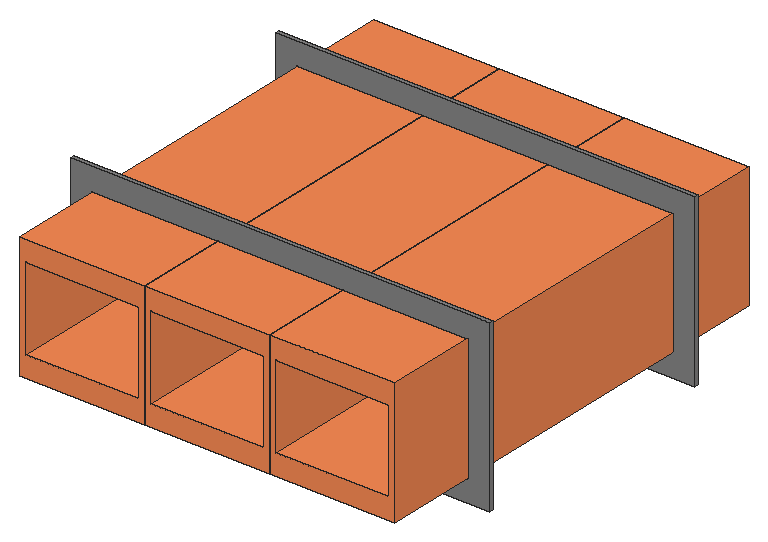
Revit family "Legrand_ElectricFireStopping_EZPathFirestopModule_Series33_Wall", category Equipement spécialisé, Revit 2020
Family settings
  Hôte = Mur
  Cote de connecteur circulaire = Utiliser le diamètre
  Type d'élément = Normal
  Numéro OmniClass = 23.20.50.14
  Titre OmniClass = Firestopping
  Toujours verticalement = Oui
  Couper avec des vides une fois chargée = Non
  Partagée = Non
  Point de calcul de pièce = Non
Parameters (values of type "3 Devices with 3 Gang Plate Réf 3 x 250018 + 250130")
  _DistributedBy = "www.bimstore.co.uk"
  _CurrentRevision = 2  # constant formula
  _CreatedBy = "https://www.legrand.co.uk/"
  _BimSpecGuid = 0
  _BSBibleVersion = 15  # constant formula
  _AuthorizedBy = "Kris Atkinson"
  _Author = "TechServ@stifirestop.com"
  Weight(Kg) = 1.16 kg
  WarrantyStartDate [instance] = "please record on commissioning"
  WarrantyGuarantorParts = "legrand.sales@legrand.co.uk"
  WarrantyGuarantorLabor = "n/a"
  WarrantyDurationUnit = "Years"
  WarrantyDurationParts = "0"
  WarrantyDurationLabor = "0"
  WarrantyDescription = "Firestop certification guaranteed throughout the entire lifetime of the electrical installation"
  VolumeExpansion = "800%"
  TypeName = Commentaires du type  # "3 Devices with 3 Gang Plate"
  General Conditions of Use = "https://export.legrand.com/en/terms-of-use-BIM-objects"
  Elévation par défaut = 0 mm
  Commentaires du type = "3 Devices with 3 Gang Plate"
  TestedSystems = "https://www.legrand.co.uk/products/cable-management/ez-path-fire-stopping-devices/"
  TagNumber = "n/a"
  SpareParts = "n/a"
  SoundInsulation(ASTME90) = "STC 50"
  Size = "80x230mm"
  ShelfLife = "No Limit"
  Shape = "Rectangle (Series 33)"
  SerialNumber [instance] = "please record on commissioning"
  SecondaryModelNumberExtensions = "EZD33E"
  SecondaryModelNumberDevice = "EZD33FWS"
  SecondaryModelNumberBrackets = "EZP333W"
  SafetyDataSheet = "https://files.stifirestop.com/5.%20Safety%20Data%20Sheets/1.%20English/SDS_EZ-Path%2033.pdf"
  RetrofitWidthCenterline = 0 mm
  RetrofitHeightCenterline = 304.8 mm
  RetrofitUpperHeight = 101.6 mm
  WallThickness [instance] = 152.4 mm
  WallLeftCutoutCenterWidth = 38.894 mm
  WallCutoutWidth = 228.6 mm
  WallCutoutHeight = 77.787 mm
  URL = "https://www.legrand.co.uk/products/cable-management/ez-path-fire-stopping-devices/"
  ReplacementCost = "n/a"
  ReferencedStandard = "CE Marking, EN 1366-3, ETA 130993"
  ReactionToFire(EN13501-1) = "Class E"
  ProductionYear = "2017"
  ProductPage = "https://www.legrand.co.uk/products/cable-management/ez-path-fire-stopping-devices/"
  NominalWidth = WallCutoutWidth  # 228.6 mm
  NominalLength [instance] = WallThickness + 114.4 mm  # 266.8 mm
  NominalHeight = WallCutoutHeight  # 77.787 mm
  NoOfExtensions [instance] = (if(ExtensionCalc < 0, 0, ExtensionCalc)) * NoOfDevices  # 0
  NoOfDevices = 3
  NBSReference = "30-85-30"
  NBSOfficeMasterTag = "n/a"
  NBSObjectName = "Legrand Electric Ltd - Fire stopping systems"
  NBSNote = "n/a"
  NBSDescription = "Fire stopping systems"
  ModelReference = Modèle  # "EZ-Path® Permanent Automatic Mechanical Firestop System (Series 33) Wall"
  ModelNumberHangerBracket = "n/a"
  ModelNumberExtensions = "CM250078"
  ModelNumberDevice = "CM250018"
  ModelNumberBrackets = "CM250130"
  ModelNumberAccessoryBracket = "n/a"
  ModelNumber = "CM250018"
  Material = "1.5mm thk Galv Steel"
  ManufacturerName = Fabricant  # "Legrand Electric Ltd"
  Note d'identification = "P12"
  InstallationDate [instance] = "please record on commissioning"
  InServiceTemperature = "Not to exceed 49 deg C"
  IfcExportType = "IfcBuildingElementPartTypeEnum.FIRESTOP"
  IfcExportAs = "IfcBuildingElementPart"
  Grade = "n/a"
  FireResistance(EN1366-3) = "2 Hours"
  FireRating = "Up to 4 Hr"
  Finish = "Powder Coated"
  Features = "The modules, which are suitable for all types of wall, can be assembled and installed horizontally or vertically to form a sturdy unit"
  Extidentifier [instance] = "please record on commissioning"
  ExpectedLife = 0
  ExpansionBegins = "177 deg C"
  EZ-PathDevice = Firestop-STI-EZ_Path-Series_33_Fire_Rated_Pathway
  SquarePlate = PlateType = 1  # yes
  RoundPlateTopHeightCenterline = 304.8 mm
  RoundPlateTopWidthCenterline = 0 mm
  RoundPlateCutoutWidth = 76.2 mm
  RoundPlateCutoutHeight = 75.406 mm
  RoundPlateDia = 127 mm
  RoundPlate = PlateType = 2  # no
  RetrofitLowerHeight = 152.4 mm
  RetrofitWidth = 203.2 mm
  RetroPlate = PlateType = 3  # no
  Region = "Global"
  PlateType = 1
  NoPlate = PlateType = 4  # no
  NoGanged = 7
  MountingPlateWidth = 253.206 mm
  MountingPlateLeftCutoutCenterWidth = 38.1 mm
  MountingPlateLeftCenterWidth = 51.197 mm
  MountingPlateCutoutWidth = 227.013 mm
  MountingPlateCutoutHeight = 75.406 mm
  MountingPlateWidthCenterline = 0 mm
  MountingPlateHeightCenterline = 0 mm
  MountingPlateHeight = 102.394 mm
  Modèle = "EZ-Path® Permanent Automatic Mechanical Firestop System (Series 33) Wall"
  Fabricant = "Legrand Electric Ltd"
  RetainingPlate = Firestop-STI-EZ_Path-Retaining_Plate
  ExtensionCalc [instance] = (WallThickness - 203.2 mm) / 152.4 mm  # 0
  EZ path 7 = NoOfDevices > 6  # no
  EZ path 6 = NoOfDevices > 5  # no
  EZ path 5 = NoOfDevices > 4  # no
  EZ path 4 = NoOfDevices > 3  # no
  EZ path 3 = NoOfDevices > 2  # yes
  EZ path 2 = NoOfDevices > 1  # yes
  EZ path 1 = NoOfDevices > 0  # yes
  EZPathLeftCenterOfGanged = 263.922 mm
  EZPathCutoutHeight = 50.006 mm
  EZPathCutoutWidth = 68.263 mm
  EZPathWidth = 75.406 mm
  EZPathHeight = 75.406 mm
  DurationUnit = "Years"
  DocumentationTechnical = "https://www.legrand.co.uk/products/cable-management/ez-path-fire-stopping-devices/"
  DocumentationMaintenance = "https://www.legrand.co.uk/products/cable-management/ez-path-fire-stopping-devices/"
  DocumentationLiterature = "https://specifi.bimstore.co.uk/document/share/2376"
  DocumentationInstallationGuide = "https://www.legrand.co.uk/products/cable-management/ez-path-fire-stopping-devices/"
  DocumentationCertificates = "n/a"
  Description = "EZ-Path is a mechanical device that provides fully compliant fire stopping for power and data cable management pathways."
  CreatedOn = "2018-01-02 T09:00:00"
  CreatedBy = "legrand.sales@legrand.co.uk"
  Constituents = "n/a"
  Color = "Red"
  CodePerformance = "Conforms to the European standard EN1366-3, BS476/20, ASTM E814 and DIN4102-9"
  ClassificationValue = "Ss_25_60_30"
  ClassificationName = "Uniclass2015"
  Classification(EN13501-2) = "EI 120"
  BarCode [instance] = "please record on commissioning"
  BIMObjectName = "Legrand_ElectricFireStopping_EZPathFirestopModule_Series33_Wall_3DeviceGangPlate"
  AssetType = "Fixed"
  AssetIdentifier [instance] = "please record on commissioning"
  Code d'assemblage = "D4030900"
  AirLeakage(UL1479) = "0.14 m3/h 0% cable, 1.14 m3/h 100% cable"
  AccessibilityPerformance = "n/a"
Types (6, lengths in mm): name | TypeName | Commentaires du type | Size | Shape | SecondaryModelNumberDevice | SecondaryModelNumberBrackets | WallCutoutWidth | NominalWidth | NoOfDevices | ModelNumberBrackets | SquarePlate | RoundPlateTopHeightCenterline | RoundPlate | Region | PlateType | NoPlate | MountingPlateWidth | MountingPlateCutoutWidth | MountingPlateHeightCenterline | EZ path 7 | EZ path 6 | EZ path 5 | EZ path 4 | EZ path 3 | EZ path 2 | BIMObjectName
  2 Devices with 2 Gang Plate Réf 2 x 250018 + 250120 | "2 Devices with 2 Gang Plate" | "2 Devices with 2 Gang Plate" | "80x155mm" | "Rectangle (Series 33)" | "EZD33FWS" | "EZP233W" | 153.194 | 153.194 | 2 | "CM250120" | yes | 304.8 | no | "Global" | 1 | no | 177.8 | 151.606 | 0 | no | no | no | no | no | yes | "Legrand_ElectricFireStopping_EZPathFirestopModule_Series33_Wall_2DeviceGangPlate"
  3 Devices with 3 Gang Plate Réf 3 x 250018 + 250130 | "3 Devices with 3 Gang Plate" | "3 Devices with 3 Gang Plate" | "80x230mm" | "Rectangle (Series 33)" | "EZD33FWS" | "EZP333W" | 228.6 | 228.6 | 3 | "CM250130" | yes | 304.8 | no | "Global" | 1 | no | 253.206 | 227.013 | 0 | no | no | no | no | yes | yes | "Legrand_ElectricFireStopping_EZPathFirestopModule_Series33_Wall_3DeviceGangPlate"
  4 Devices with 4 Gang Plate Réf 4 x 250018 + 250140 | "4 Devices with 4 Gang Plate" | "4 Devices with 4 Gang Plate" | "80x305mm" | "Rectangle (Series 33)" | "EZD33FWS" | "EZP433W" | 304.006 | 304.006 | 4 | "CM250140" | yes | 304.8 | no | "Global" | 1 | no | 328.613 | 302.419 | 0 | no | no | no | yes | yes | yes | "Legrand_ElectricFireStopping_EZPathFirestopModule_Series33_Wall_4DeviceGangPlate"
  7 Devices with 7 Gang Plate Réf 7 x 250018 + 250170 | "7 Devices with 7 Gang Plate" | "7 Devices with 7 Gang Plate" | "80x540mm" | "Rectangle (Series 33)" | "EZD33FWS" | "EZP733W" | 530.225 | 530.225 | 7 | "CM250170" | yes | 304.8 | no | "Global" | 1 | no | 554.831 | 528.638 | 0 | yes | yes | yes | yes | yes | yes | "Legrand_ElectricFireStopping_EZPathFirestopModule_Series33_Wall_7DeviceGangPlate"
  1 Device with Circular Plates Réf  250018 + 250240 | "1 Device with Circular Plates" | "1 Device with Circular Plates" | "80x80mm" | "Square (Series 33)" | "EZD33T" | "EZP133CWT" | 77.788 | 77.788 | 1 | "CM250240" | no | 0 | yes | "Europe" | 2 | no | 102.394 | 76.2 | 304.8 | no | no | no | no | no | no | "Legrand_ElectricFireStopping_EZPathFirestopModule_Series33_Wall_1DeviceCircularPlate"
  1 Device Cast In Place (Concrete Walls Only - Grouted) Réf  250018 | "1 Device Cast In Place (Concrete Walls Only - Grouted)" | "1 Device Cast In Place (Concrete Walls Only - Grouted)" | "80x80mm" | "Square (Series 33)" | "EZD33T" | "n/a" | 77.788 | 77.788 | 1 | "n/a" | no | 304.8 | no | "Europe" | 4 | yes | 102.394 | 76.2 | 0 | no | no | no | no | no | no | "Legrand_ElectricFireStopping_EZPathFirestopModule_Series33_Wall_1DeviceCastInPlace"
Reference planes
  plane 1: y = 0
  plane 2 "Center (Left/Right)": x = 0
  plane 3 "Wall Edge": y = 76.2
  plane 4: z = 2974.744
  plane 5: z = 3012.447
  plane 6: z = 2937.041
  plane 7: x = 263.922
  plane 8: x = 260.35
  plane 9: x = 188.516
  plane 10: x = 192.088
  plane 11: z = 2999.747
  plane 12: z = 2949.741
  plane 13: x = 226.219
  plane 14: x = 184.944
  plane 15: x = 113.109
  plane 16: x = 116.681
  plane 17: x = 150.812
  plane 18: x = 109.537
  plane 19: x = 37.703
  plane 20: x = 41.275
  plane 21: x = 75.406
  plane 22: x = 34.131
  plane 23: x = -37.703
  plane 24: x = -34.131
  plane 25: x = 0
  plane 26: x = -41.275
  plane 27: x = -113.109
  plane 28: x = -109.537
  plane 29: x = -75.406
  plane 30: x = -116.681
  plane 31: x = -188.516
  plane 32: x = -184.944
  plane 33: x = -150.813
  plane 34: x = -192.088
  plane 35: x = -263.922
  plane 36: x = -260.35
  plane 37: x = -226.219
  plane 38: y = 133.35
  plane 39: y = -133.35
  plane 40: x = 264.319
  plane 41: z = 2937.041
  plane 42: x = 37.306
  plane 43: z = 3012.447
  plane 44: y = 78.581
  plane 45: y = -78.581
  plane 46: x = 265.112
  plane 47: z = 2935.85
  plane 48: z = 3013.638
  plane 49: x = 36.512
  plane 50: z = 2974.744
  plane 51: x = 226.219
  plane 52: x = 264.319
  plane 53: x = 37.306
  plane 54: z = 3012.447
  plane 55: z = 2937.041
  plane 56: x = 277.416
  plane 57: z = 3025.941
  plane 58: x = 24.209
  plane 59: z = 2923.547
  plane 60: x = 226.219
  plane 61: x = 264.319
  plane 62: x = 289.719
  plane 63: x = 188.119
  plane 64: x = 162.719
  plane 65: z = 3279.544
  plane 66: z = 3317.247
  plane 67: z = 3241.841
  plane 68: x = 226.219
  plane 69: x = 264.319
  plane 70: x = 327.819
  plane 71: x = 188.119
  plane 72: x = 124.619
  plane 73: z = 3279.544
  plane 74: z = 3317.247
  plane 75: z = 3381.144
  plane 76: z = 3241.841
  plane 77: z = 3127.144
Forms (mm)
  Extrusion 1, solid, material "Firestop-STI-EZ_Path-Series_33_Fire_Rated_Pathway" <- "EZ-PathDevice", visible <- "EZ path 2"
    sketch origin (0, 76.2, 0) x (1, 0, 0) y (0, 0, 1)
      loop
        line (188.516, 2937.041) -> (188.516, 3012.447) -> (113.109, 3012.447) -> (113.109, 2937.041) -> (188.516, 2937.041)
      loop
        line (184.944, 2949.741) -> (184.944, 2999.747) -> (116.681, 2999.747) -> (116.681, 2949.741) -> (184.944, 2949.741)
    from -57.15 to 209.55
  Extrusion 2, solid, material "Firestop-STI-EZ_Path-Series_33_Fire_Rated_Pathway" <- "EZ-PathDevice", visible <- "EZ path 3"
    sketch origin (0, 76.2, 0) x (1, 0, 0) y (0, 0, 1)
      loop
        line (113.109, 2937.041) -> (113.109, 3012.447) -> (37.703, 3012.447) -> (37.703, 2937.041) -> (113.109, 2937.041)
      loop
        line (109.537, 2949.741) -> (109.537, 2999.747) -> (41.275, 2999.747) -> (41.275, 2949.741) -> (109.537, 2949.741)
    from -57.15 to 209.55
  Extrusion 3, solid, material "Firestop-STI-EZ_Path-Series_33_Fire_Rated_Pathway" <- "EZ-PathDevice", visible <- "EZ path 1"
    sketch origin (0, 76.2, 0) x (1, 0, 0) y (0, 0, 1)
      loop
        line (263.922, 2937.041) -> (263.922, 3012.447) -> (188.516, 3012.447) -> (188.516, 2937.041) -> (263.922, 2937.041)
      loop
        line (260.35, 2949.741) -> (260.35, 2999.747) -> (192.088, 2999.747) -> (192.088, 2949.741) -> (260.35, 2949.741)
    from -57.15 to 209.55
  Extrusion 4, solid, material "Firestop-STI-EZ_Path-Series_33_Fire_Rated_Pathway" <- "EZ-PathDevice", visible <- "EZ path 4"
    sketch origin (0, 76.2, 0) x (1, 0, 0) y (0, 0, 1)
      loop
        line (37.703, 2937.041) -> (37.703, 3012.447) -> (-37.703, 3012.447) -> (-37.703, 2937.041) -> (37.703, 2937.041)
      loop
        line (34.131, 2949.741) -> (34.131, 2999.747) -> (-34.131, 2999.747) -> (-34.131, 2949.741) -> (34.131, 2949.741)
    from -57.15 to 209.55
  Extrusion 5, solid, material "Firestop-STI-EZ_Path-Series_33_Fire_Rated_Pathway" <- "EZ-PathDevice", visible <- "EZ path 5"
    sketch origin (0, 76.2, 0) x (1, 0, 0) y (0, 0, 1)
      loop
        line (-37.703, 2937.041) -> (-37.703, 3012.447) -> (-113.109, 3012.447) -> (-113.109, 2937.041) -> (-37.703, 2937.041)
      loop
        line (-41.275, 2949.741) -> (-41.275, 2999.747) -> (-109.537, 2999.747) -> (-109.537, 2949.741) -> (-41.275, 2949.741)
    from -57.15 to 209.55
  Extrusion 6, solid, material "Firestop-STI-EZ_Path-Series_33_Fire_Rated_Pathway" <- "EZ-PathDevice", visible <- "EZ path 6"
    sketch origin (0, 76.2, 0) x (1, 0, 0) y (0, 0, 1)
      loop
        line (-113.109, 2937.041) -> (-113.109, 3012.447) -> (-188.516, 3012.447) -> (-188.516, 2937.041) -> (-113.109, 2937.041)
      loop
        line (-116.681, 2949.741) -> (-116.681, 2999.747) -> (-184.944, 2999.747) -> (-184.944, 2949.741) -> (-116.681, 2949.741)
    from -57.15 to 209.55
  Extrusion 7, solid, material "Firestop-STI-EZ_Path-Series_33_Fire_Rated_Pathway" <- "EZ-PathDevice", visible <- "EZ path 7"
    sketch origin (0, 76.2, 0) x (1, 0, 0) y (0, 0, 1)
      loop
        line (-188.516, 2937.041) -> (-188.516, 3012.447) -> (-263.922, 3012.447) -> (-263.922, 2937.041) -> (-188.516, 2937.041)
      loop
        line (-192.088, 2949.741) -> (-192.088, 2999.747) -> (-260.35, 2999.747) -> (-260.35, 2949.741) -> (-192.088, 2949.741)
    from -57.15 to 209.55
  Extrusion 8, solid, material "Firestop-STI-EZ_Path-Retaining_Plate" <- "RetainingPlate", visible <- "SquarePlate", detail levels medium+fine
    sketch origin (0, 76.2, 0) x (1, 0, 0) y (0, 0, 1)
      loop
        line (277.416, 2923.547) -> (277.416, 3025.941) -> (24.209, 3025.941) -> (24.209, 2923.547) -> (277.416, 2923.547)
    from -2.381 to 0
  Extrusion 9, void
    sketch origin (0, 76.2, 0) x (1, 0, 0) y (0, 0, 1)
      loop
        line (264.319, 2937.041) -> (264.319, 3012.447) -> (37.306, 3012.447) -> (37.306, 2937.041) -> (264.319, 2937.041)
    from -2.381 to 0
  Extrusion 10, solid, material "Firestop-STI-EZ_Path-Retaining_Plate" <- "RetainingPlate", visible <- "SquarePlate", detail levels medium+fine
    sketch origin (0, 76.2, 0) x (1, 0, 0) y (0, 0, 1)
      loop
        line (277.416, 2923.547) -> (277.416, 3025.941) -> (24.209, 3025.941) -> (24.209, 2923.547) -> (277.416, 2923.547)
    from 152.4 to 154.781
  Extrusion 11, void
    sketch origin (0, 76.2, 0) x (1, 0, 0) y (0, 0, 1)
      loop
        line (264.319, 2937.041) -> (264.319, 3012.447) -> (37.306, 3012.447) -> (37.306, 2937.041) -> (264.319, 2937.041)
    from 152.4 to 154.781
  Extrusion 12, solid, material "Firestop-STI-EZ_Path-Retaining_Plate" <- "RetainingPlate", visible <- "RoundPlate", detail levels medium+fine
    sketch origin (0, 76.2, 0) x (1, 0, 0) y (0, 0, 1)
      loop
        circle (226.219, 3279.544) r 63.5
    from 152.4 to 154.781
  Extrusion 13, void
    sketch origin (0, 76.2, 0) x (1, 0, 0) y (0, 0, 1)
      loop
        line (264.319, 3241.841) -> (264.319, 3317.247) -> (188.119, 3317.247) -> (188.119, 3241.841) -> (264.319, 3241.841)
    from 152.4 to 154.781
  Extrusion 14, solid, material "Firestop-STI-EZ_Path-Retaining_Plate" <- "RetainingPlate", visible <- "RoundPlate", detail levels medium+fine
    sketch origin (0, 76.2, 0) x (1, 0, 0) y (0, 0, 1)
      loop
        circle (226.219, 3279.544) r 63.5
    from -2.381 to 0
  Extrusion 15, void
    sketch origin (0, 76.2, 0) x (1, 0, 0) y (0, 0, 1)
      loop
        line (264.319, 3241.841) -> (264.319, 3317.247) -> (188.119, 3317.247) -> (188.119, 3241.841) -> (264.319, 3241.841)
    from -2.381 to 0
  Extrusion 16, solid, material "Firestop-STI-EZ_Path-Retaining_Plate" <- "RetainingPlate", visible <- "RetroPlate", detail levels medium+fine
    sketch origin (0, 76.2, 0) x (1, 0, 0) y (0, 0, 1)
      loop
        line (327.819, 3127.144) -> (327.819, 3381.144) -> (124.619, 3381.144) -> (124.619, 3127.144) -> (327.819, 3127.144)
    from -2.381 to 0
  Extrusion 17, void
    sketch origin (0, 76.2, 0) x (1, 0, 0) y (0, 0, 1)
      loop
        line (264.319, 3241.841) -> (264.319, 3317.247) -> (188.119, 3317.247) -> (188.119, 3241.841) -> (264.319, 3241.841)
    from -2.381 to 0
  Extrusion 18, solid, material "Firestop-STI-EZ_Path-Retaining_Plate" <- "RetainingPlate", visible <- "RetroPlate", detail levels medium+fine
    sketch origin (0, 76.2, 0) x (1, 0, 0) y (0, 0, 1)
      loop
        line (327.819, 3127.144) -> (327.819, 3381.144) -> (124.619, 3381.144) -> (124.619, 3127.144) -> (327.819, 3127.144)
    from 152.4 to 154.781
  Extrusion 19, void
    sketch origin (0, 76.2, 0) x (1, 0, 0) y (0, 0, 1)
      loop
        line (264.319, 3241.841) -> (264.319, 3317.247) -> (188.119, 3317.247) -> (188.119, 3241.841) -> (264.319, 3241.841)
    from 152.4 to 154.781
Cuts and joins
  Extrusion 9, Extrusion 11 cuts Extrusion 8
  Extrusion 11 cuts Extrusion 10
  Extrusion 13, Extrusion 15 cuts Extrusion 12
  Extrusion 15 cuts Extrusion 14
  Extrusion 17, Extrusion 19 cuts Extrusion 16
  Extrusion 19 cuts Extrusion 18
Lines and regions (mm)
  Opening 1
    outline origin (-1524, -76.2, 0) x (1, 0, 0) y (0, 0, 1)
      loop
        line (1560.512, 3013.638) -> (1560.512, 2935.85) -> (1789.112, 2935.85) -> (1789.112, 3013.638) -> (1560.512, 3013.638)
  symbolic lines, visible <- "EZ path 7", built-in parameter 1006206 <- "EZ path 1"
    curve 1: line (-263.922, -133.35, 0) -> (-188.516, -133.35, 0)
    curve 2: line (-263.922, 133.35, 0) -> (-263.922, -133.35, 0)
    curve 3: line (-188.516, 133.35, 0) -> (-263.922, 133.35, 0)
  symbolic lines, visible <- "EZ path 6", built-in parameter 1006206 <- "EZ path 1"
    curve 4: line (-188.516, -133.35, 0) -> (-188.516, 133.35, 0)
    curve 5: line (-188.516, -133.35, 0) -> (-113.109, -133.35, 0)
    curve 7: line (-113.109, 133.35, 0) -> (-188.516, 133.35, 0)
  symbolic lines, visible <- "EZ path 5", built-in parameter 1006206 <- "EZ path 1"
    curve 6: line (-113.109, -133.35, 0) -> (-113.109, 133.35, 0)
    curve 8: line (-113.109, 133.35, 0) -> (-37.703, 133.35, 0)
    curve 10: line (-113.109, -133.35, 0) -> (-37.703, -133.35, 0)
  symbolic lines, visible <- "EZ path 4", built-in parameter 1006206 <- "EZ path 1"
    curve 9: line (-37.703, 133.35, 0) -> (-37.703, -133.35, 0)
    curve 12: line (-37.703, 133.35, 0) -> (37.703, 133.35, 0)
    curve 14: line (-37.703, -133.35, 0) -> (37.703, -133.35, 0)
  symbolic lines, visible <- "EZ path 2", built-in parameter 1006206 <- "EZ path 1"
    curve 11: line (113.109, -133.35, 0) -> (113.109, 133.35, 0)
  symbolic lines, visible <- "EZ path 3", built-in parameter 1006206 <- "EZ path 1"
    curve 13: line (37.703, 133.35, 0) -> (37.703, -133.35, 0)
    curve 15: line (37.703, -133.35, 0) -> (113.109, -133.35, 0)
    curve 16: line (37.703, 133.35, 0) -> (113.109, 133.35, 0)
  symbolic lines, visible <- "EZ path 2"
    curve 17: line (113.109, 133.35, 0) -> (188.516, 133.35, 0)
    curve 19: line (113.109, -133.35, 0) -> (188.516, -133.35, 0)
  symbolic lines, visible <- "EZ path 1", built-in parameter 1006206 <- "EZ path 1"
    curve 18: line (188.516, 133.35, 0) -> (188.516, -133.35, 0)
    curve 20: line (188.516, -133.35, 0) -> (263.922, -133.35, 0)
    curve 21: line (263.922, -133.35, 0) -> (263.922, 133.35, 0)
    curve 22: line (188.516, 133.35, 0) -> (263.922, 133.35, 0)
Text (mm)
  text "Placement Side" at (0, 1019.848, 3124.603), in view "Right"
  text "Placement Side" at (-1787.662, 723.012, 0), in view "Ref. Level"
  text "Placement Side" at (0, 2073.289, 3571.227), in view "Left"
Dimensions and locks
  locked: plane 3 "Wall Edge" to host wall
  equal spacing: plane 10, plane 13, plane 8
  "EZPathCutoutWidth": plane 10 to plane 8
  equal spacing: plane 9, plane 13, plane 7
  "EZPathWidth": plane 9 to plane 7
  equal spacing: plane 6, plane 4, plane 5
  "EZPathHeight": plane 6 to plane 5
  equal spacing: plane 12, plane 4, plane 11
  "EZPathCutoutHeight": plane 12 to plane 11
  equal spacing: plane 16, plane 17, plane 14
  equal spacing: plane 20, plane 21, plane 18
  equal spacing: plane 24, plane 25, plane 22
  equal spacing: plane 28, plane 29, plane 26
  equal spacing: plane 32, plane 33, plane 30
  equal spacing: plane 36, plane 37, plane 34
  "EZPathCutoutWidth": plane 16 to plane 14
  "EZPathCutoutWidth": plane 20 to plane 18
  "EZPathCutoutWidth": plane 24 to plane 22
  "EZPathCutoutWidth": plane 28 to plane 26
  "EZPathCutoutWidth": plane 32 to plane 30
  "EZPathCutoutWidth": plane 36 to plane 34
  equal spacing: plane 9, plane 17, plane 15
  equal spacing: plane 15, plane 21, plane 19
  equal spacing: plane 19, plane 25, plane 23
  equal spacing: plane 23, plane 29, plane 27
  equal spacing: plane 27, plane 33, plane 31
  equal spacing: plane 31, plane 37, plane 35
  "EZPathWidth": plane 9 to plane 15
  "EZPathWidth": plane 15 to plane 19
  "EZPathWidth": plane 19 to plane 23
  "EZPathWidth": plane 23 to plane 27
  "EZPathWidth": plane 27 to plane 31
  "EZPathWidth": plane 31 to plane 35
  "EZPathLeftCenterOfGanged": plane 7 to plane 2 "Center (Left/Right)"
  "MountingPlateCutoutWidth": plane 42 to plane 40
  "MountingPlateLeftCutoutCenterWidth": plane 13 to plane 40
  equal spacing: plane 41, plane 4, plane 43
  "MountingPlateCutoutHeight": plane 41 to plane 43
  equal spacing: plane 44, plane 1, plane 45
  locked: plane 44 to plane 3 "Wall Edge" at 2.381
  "WallLeftCutoutCenterWidth": plane 13 to plane 46
  "WallCutoutWidth": plane 49 to plane 46
  equal spacing: plane 47, plane 4, plane 48
  "WallCutoutHeight": plane 47 to plane 48
  equal spacing: plane 39, plane 1, plane 38
  plane 39 to plane 38 = 266.7 mm
  equal spacing: plane 45, host wall, plane 44
  "WallThickness": host wall to host wall
  equal spacing: plane 55, plane 50, plane 54
  "MountingPlateCutoutHeight": plane 55 to plane 54
  equal spacing: plane 59, plane 50, plane 57
  "MountingPlateHeight": plane 59 to plane 57
  "MountingPlateWidth": plane 56 to plane 58
  "MountingPlateCutoutWidth": plane 53 to plane 52
  "MountingPlateLeftCutoutCenterWidth": plane 51 to plane 52
  "MountingPlateLeftCenterWidth": plane 56 to plane 51
  "MountingPlateWidthCenterline": plane 13 to plane 51
  "MountingPlateHeightCenterline": plane 4 to plane 50
  equal spacing: plane 61, plane 60, plane 63
  "RoundPlateCutoutWidth": plane 61 to plane 63
  equal spacing: plane 67, plane 65, plane 66
  "RoundPlateCutoutHeight": plane 67 to plane 66
  equal spacing: plane 62, plane 60, plane 64
  "RoundPlateDia": plane 62 to plane 64
  "RoundPlateTopWidthCenterline": plane 13 to plane 60
  "RoundPlateTopHeightCenterline": plane 4 to plane 65
  equal spacing: plane 71, plane 68, plane 69
  "RoundPlateCutoutWidth": plane 71 to plane 69
  equal spacing: plane 76, plane 73, plane 74
  "RoundPlateCutoutHeight": plane 76 to plane 74
  equal spacing: plane 72, plane 68, plane 70
  "RetrofitWidth": plane 72 to plane 70
  "RetrofitUpperHeight": plane 73 to plane 75
  "RetrofitLowerHeight": plane 77 to plane 73
  "RetrofitHeightCenterline": plane 4 to plane 73
  "RetrofitWidthCenterline": plane 68 to plane 13
  aligned and locked: Extrusion 1 sketch curve to plane 5
  aligned and locked: plane 15 to Extrusion 1 sketch curve
  aligned and locked: Extrusion 1 sketch curve to plane 12
  aligned and locked: plane 14 to Extrusion 1 sketch curve
  aligned and locked: Extrusion 1 sketch curve to plane 11
  aligned and locked: plane 16 to Extrusion 1 sketch curve
  aligned and locked: Extrusion 1 to Extrusion 2 sketch curve
  aligned and locked: Extrusion 2 sketch curve to Extrusion 1
  aligned and locked: Extrusion 2 sketch curve to plane 5
  aligned and locked: plane 19 to Extrusion 2 sketch curve
  aligned and locked: Extrusion 2 sketch curve to plane 12
  aligned and locked: plane 18 to Extrusion 2 sketch curve
  aligned and locked: Extrusion 2 sketch curve to plane 11
  aligned and locked: plane 20 to Extrusion 2 sketch curve
  aligned and locked: plane 6 to Extrusion 3 sketch curve
  aligned and locked: Extrusion 1 to Extrusion 3 sketch curve
  aligned and locked: Extrusion 3 sketch curve to Extrusion 1
  aligned and locked: Extrusion 3 sketch curve to plane 12
  aligned and locked: plane 8 to Extrusion 3 sketch curve
  aligned and locked: Extrusion 3 sketch curve to plane 11
  aligned and locked: plane 10 to Extrusion 3 sketch curve
  aligned and locked: Extrusion 3 to plane 7
  aligned and locked: Extrusion 2 to Extrusion 4 sketch curve
  aligned and locked: Extrusion 4 sketch curve to Extrusion 2
  aligned and locked: Extrusion 4 sketch curve to plane 5
  aligned and locked: plane 23 to Extrusion 4 sketch curve
  aligned and locked: Extrusion 4 sketch curve to plane 12
  aligned and locked: plane 22 to Extrusion 4 sketch curve
  aligned and locked: Extrusion 4 sketch curve to plane 11
  aligned and locked: plane 24 to Extrusion 4 sketch curve
  aligned and locked: Extrusion 4 to Extrusion 5 sketch curve
  aligned and locked: Extrusion 5 sketch curve to Extrusion 4
  aligned and locked: Extrusion 5 sketch curve to plane 5
  aligned and locked: plane 27 to Extrusion 5 sketch curve
  aligned and locked: Extrusion 5 sketch curve to plane 12
  aligned and locked: plane 26 to Extrusion 5 sketch curve
  aligned and locked: Extrusion 5 sketch curve to plane 11
  aligned and locked: plane 28 to Extrusion 5 sketch curve
  aligned and locked: Extrusion 5 to Extrusion 6 sketch curve
  aligned and locked: Extrusion 6 sketch curve to Extrusion 5
  aligned and locked: Extrusion 6 sketch curve to plane 5
  aligned and locked: plane 31 to Extrusion 6 sketch curve
  aligned and locked: Extrusion 6 sketch curve to plane 12
  aligned and locked: plane 30 to Extrusion 6 sketch curve
  aligned and locked: Extrusion 6 sketch curve to plane 11
  aligned and locked: plane 32 to Extrusion 6 sketch curve
  aligned and locked: Extrusion 6 to Extrusion 7 sketch curve
  aligned and locked: Extrusion 7 sketch curve to Extrusion 6
  aligned and locked: Extrusion 7 sketch curve to plane 5
  aligned and locked: plane 35 to Extrusion 7 sketch curve
  aligned and locked: Extrusion 7 sketch curve to plane 12
  aligned and locked: plane 34 to Extrusion 7 sketch curve
  aligned and locked: Extrusion 7 sketch curve to plane 11
  aligned and locked: plane 36 to Extrusion 7 sketch curve
  aligned and locked: Extrusion 6 to Extrusion 7  (x2)
  aligned and locked: Extrusion 5 to Extrusion 6  (x2)
  aligned and locked: Extrusion 4 to Extrusion 5  (x2)
  aligned and locked: Extrusion 2 to Extrusion 4  (x2)
  aligned and locked: Extrusion 1 to Extrusion 2  (x2)
  aligned and locked: Extrusion 3 to Extrusion 1  (x2)
  aligned and locked: plane 48 to Opening 1 sketch curve
  aligned and locked: plane 47 to Opening 1 sketch curve
  aligned and locked: plane 46 to Opening 1 sketch curve
  aligned and locked: plane 38 to Extrusion 3
  aligned and locked: plane 39 to Extrusion 3
  aligned and locked: curve 1 to Extrusion 7
  aligned and locked: curve 2 to Extrusion 7
  aligned and locked: curve 3 to Extrusion 7
  aligned and locked: curve 4 to Extrusion 6
  aligned and locked: curve 1 to curve 5
  aligned and locked: plane 27 to curve 6
  aligned and locked: plane 38 to curve 7
  aligned and locked: curve 9 to plane 23
  aligned and locked: curve 5 to curve 10
  aligned and locked: plane 15 to curve 11
  aligned and locked: curve 8 to curve 12
  aligned and locked: curve 13 to plane 19
  aligned and locked: curve 10 to curve 14
  aligned and locked: curve 14 to curve 15
  aligned and locked: curve 12 to curve 16
  aligned and locked: curve 16 to curve 17
  aligned and locked: curve 18 to plane 9
  aligned and locked: curve 15 to curve 19
  aligned and locked: curve 19 to curve 20
  aligned and locked: curve 21 to plane 7
  aligned and locked: curve 17 to curve 22
  aligned and locked: plane 59 to Extrusion 8 sketch curve
  aligned and locked: plane 56 to Extrusion 8 sketch curve
  aligned and locked: Extrusion 8 sketch curve to plane 57
  aligned and locked: Extrusion 8 sketch curve to plane 58
  aligned and locked: plane 55 to Extrusion 9 sketch curve
  aligned and locked: plane 52 to Extrusion 9 sketch curve
  aligned and locked: Extrusion 9 sketch curve to plane 54
  aligned and locked: Extrusion 9 sketch curve to plane 53
  aligned and locked: Extrusion 8 to host wall
  aligned and locked: Extrusion 9 to host wall
  aligned and locked: Extrusion 9 to plane 44
  aligned and locked: Extrusion 8 to plane 44
  aligned and locked: Extrusion 10 sketch curve to cut or joined group of Extrusion 8, Extrusion 9, Extrusion 11  (x4)
  aligned and locked: Extrusion 11 sketch curve to cut or joined group of Extrusion 8, Extrusion 9, Extrusion 11  (x4)
  aligned and locked: Extrusion 10 to host wall
  aligned and locked: Extrusion 11 to host wall
  aligned and locked: Extrusion 11 to plane 45
  aligned and locked: Extrusion 10 to plane 45
  aligned and locked: plane 62 to Extrusion 12 sketch curve
  aligned and locked: Extrusion 13 to host wall
  aligned and locked: Extrusion 12 to host wall
  aligned and locked: Extrusion 12 to plane 45
  aligned and locked: Extrusion 13 to plane 45
  aligned and locked: plane 66 to Extrusion 13
  aligned and locked: plane 63 to Extrusion 13
  aligned and locked: Extrusion 13 to plane 67
  aligned and locked: plane 61 to Extrusion 13
  aligned and locked: plane 62 to Extrusion 14 sketch curve
  aligned and locked: Extrusion 15 sketch curve to cut or joined group of Extrusion 12, Extrusion 13, Extrusion 15  (x4)
  aligned and locked: Extrusion 15 to host wall
  aligned and locked: Extrusion 14 to host wall
  aligned and locked: Extrusion 15 to plane 44
  aligned and locked: Extrusion 14 to plane 44
  aligned and locked: Extrusion 16 sketch curve to plane 77
  aligned and locked: plane 70 to Extrusion 16 sketch curve
  aligned and locked: plane 75 to Extrusion 16 sketch curve
  aligned and locked: Extrusion 16 sketch curve to plane 72
  aligned and locked: Extrusion 17 sketch curve to plane 76
  aligned and locked: plane 69 to Extrusion 17 sketch curve
  aligned and locked: plane 74 to Extrusion 17 sketch curve
  aligned and locked: plane 71 to Extrusion 17 sketch curve
  aligned and locked: Extrusion 17 to host wall
  aligned and locked: Extrusion 17 to plane 44
  aligned and locked: Extrusion 16 to plane 44
  aligned and locked: Extrusion 16 to host wall
  aligned and locked: Extrusion 18 sketch curve to cut or joined group of Extrusion 16, Extrusion 17, Extrusion 19  (x4)
  aligned and locked: Extrusion 19 sketch curve to cut or joined group of Extrusion 16, Extrusion 17, Extrusion 19  (x4)
  aligned and locked: Extrusion 19 to host wall
  aligned and locked: Extrusion 19 to plane 45
  aligned and locked: Extrusion 18 to host wall
  aligned and locked: Extrusion 18 to plane 45
Automatic sketch dimensions
  curve 5 to plane 31 = 0 mm
  curve 7 to plane 31 = 0 mm
  Extrusion 1 sketch curve to plane 6 = 0 mm
  Extrusion 1 sketch curve to plane 9 = 0 mm
  plane 7 to Extrusion 3 sketch curve = 0 mm
  Opening 1 sketch curve to plane 49 = 0 mm
  Extrusion 12 sketch curve to Extrusion 12 sketch curve = 0 mm  (x2)
  plane 64 to Extrusion 12 sketch curve = 0 mm
  Extrusion 12 sketch curve to plane 60 = 0 mm
  Extrusion 12 sketch curve to plane 65 = 0 mm
  plane 63 to Extrusion 13 sketch curve = 0 mm
  plane 61 to Extrusion 13 sketch curve = 0 mm
  Extrusion 13 sketch curve to plane 67 = 0 mm
  plane 66 to Extrusion 13 sketch curve = 0 mm
  plane 64 to Extrusion 14 sketch curve = 0 mm
  Extrusion 14 sketch curve to plane 65 = 0 mm
